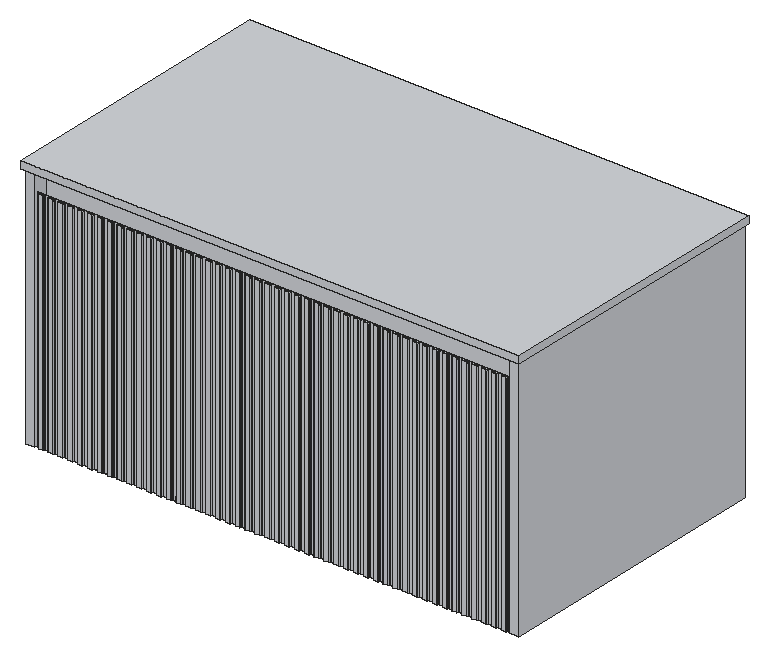
Revit family "Zara Ribbed Cabinet 800mm - KL810878-80", category Plumbing Fixtures, Revit 2023
Family settings
  Round Connector Dimension = Use Diameter
  Part Type = Normal
  OmniClass Number = 23.45.00.00
  OmniClass Title = Sanitary, Laundry, and Cleaning Equipment
  Work Plane-Based = No
  Enable Cutting in Views = No
  Always vertical = Yes
  Cut with Voids When Loaded = No
  Maintain Annotation Orientation = No
  Shared = No
  Room Calculation Point = No
Parameters
  Slats = none
  Door Base = none
  Default Elevation = 0 mm
  Countertop = none
  Carcass = none
Reference planes
  plane 1 "Center (Front/Back)": y = 0
  plane 2: z = 0
  plane 3 "Center (Left/Right)": x = 0
Forms (mm)
  Extrusion 1, solid, material <- "Carcass"
    sketch origin (0, 0, 0) x (1, 0, 0) y (0, 1, 0)
      loop
        line (-400, 0) -> (-400, -460) -> (-385, -460) -> (-385, 0) -> (-400, 0)
      loop
        line (385, -460) -> (400, -460) -> (400, 0) -> (385, 0) -> (385, -460)
    from 0 to 400
  Extrusion 2, solid, material <- "Carcass"
    sketch origin (0, 0, 0) x (0, 1, 0) y (0, 0, 1)
      loop
        line (0, 400) -> (-15, 400) -> (-15, 322) -> (0, 322) -> (0, 400)
      loop
        line (0, 93) -> (-15, 93) -> (-15, 15) -> (0, 15) -> (0, 93)
      loop
        line (-424, 340) -> (-424, 400) -> (-439, 400) -> (-439, 340) -> (-424, 340)
    from -385 to 385
  Extrusion 3, solid, material <- "Carcass"
    sketch origin (0, 0, 0) x (0, 1, 0) y (0, 0, 1)
      loop
        line (-361, 15) -> (-439, 15) -> (-439, 0) -> (-361, 0) -> (-361, 15)
      loop
        line (0, 15) -> (-78, 15) -> (-78, 0) -> (0, 0) -> (0, 15)
    from -385 to 385
  Extrusion 4, solid, material <- "Countertop"
    sketch origin (0, 0, 0) x (0, 1, 0) y (0, 0, 1)
      loop
        line (0, 412) -> (-465, 412) -> (-465, 400) -> (0, 400) -> (0, 412)
    from -405 to 405
  Extrusion 5, solid, material <- "Door Base"
    sketch origin (0, 0, 0) x (0, 1, 0) y (0, 0, 1)
      loop
        line (-457.5, 370.5) -> (-457.5, 0) -> (-441, 0) -> (-441, 354) -> (-457.5, 370.5)
    from -382.5 to 382.5
  Extrusion 6, solid, material <- "Slats"
    sketch origin (0, 0, 0) x (1, 0, 0) y (0, 1, 0)
      loop
        line (-363.5, -460) -> (-356.5, -460)
        arc (-356.5, -460) -> (-356.146, -459.854) -> (-356, -459.5) r 0.5
        line (-356, -459.5) -> (-356, -458)
        arc (-356, -458) -> (-355.854, -457.646) -> (-355.5, -457.5) r 0.5
        line (-355.5, -457.5) -> (-348.5, -457.5)
        arc (-348.5, -457.5) -> (-348.146, -457.646) -> (-348, -458) r 0.5
        line (-348, -458) -> (-348, -459.5)
        arc (-348, -459.5) -> (-347.854, -459.854) -> (-347.5, -460) r 0.5
        line (-347.5, -460) -> (-340.5, -460)
        arc (-340.5, -460) -> (-340.146, -459.854) -> (-340, -459.5) r 0.5
        line (-340, -459.5) -> (-340, -458)
        arc (-340, -458) -> (-339.854, -457.646) -> (-339.5, -457.5) r 0.5
        line (-339.5, -457.5) -> (-332.5, -457.5)
        arc (-332.5, -457.5) -> (-332.146, -457.646) -> (-332, -458) r 0.5
        line (-332, -458) -> (-332, -459.5)
        arc (-332, -459.5) -> (-331.854, -459.854) -> (-331.5, -460) r 0.5
        line (-331.5, -460) -> (-324.5, -460)
        arc (-324.5, -460) -> (-324.146, -459.854) -> (-324, -459.5) r 0.5
        line (-324, -459.5) -> (-324, -458)
        arc (-324, -458) -> (-323.854, -457.646) -> (-323.5, -457.5) r 0.5
        line (-323.5, -457.5) -> (-316.5, -457.5)
        arc (-316.5, -457.5) -> (-316.146, -457.646) -> (-316, -458) r 0.5
        line (-316, -458) -> (-316, -459.5)
        arc (-316, -459.5) -> (-315.854, -459.854) -> (-315.5, -460) r 0.5
        line (-315.5, -460) -> (-308.5, -460)
        arc (-308.5, -460) -> (-308.146, -459.854) -> (-308, -459.5) r 0.5
        line (-308, -459.5) -> (-308, -458)
        arc (-308, -458) -> (-307.854, -457.646) -> (-307.5, -457.5) r 0.5
        line (-307.5, -457.5) -> (-300.5, -457.5)
        arc (-300.5, -457.5) -> (-300.146, -457.646) -> (-300, -458) r 0.5
        line (-300, -458) -> (-300, -459.5)
        arc (-300, -459.5) -> (-299.854, -459.854) -> (-299.5, -460) r 0.5
        line (-299.5, -460) -> (-292.5, -460)
        arc (-292.5, -460) -> (-292.146, -459.854) -> (-292, -459.5) r 0.5
        line (-292, -459.5) -> (-292, -458)
        arc (-292, -458) -> (-291.854, -457.646) -> (-291.5, -457.5) r 0.5
        line (-291.5, -457.5) -> (-284.5, -457.5)
        arc (-284.5, -457.5) -> (-284.146, -457.646) -> (-284, -458) r 0.5
        line (-284, -458) -> (-284, -459.5)
        arc (-284, -459.5) -> (-283.854, -459.854) -> (-283.5, -460) r 0.5
        line (-283.5, -460) -> (-276.5, -460)
        arc (-276.5, -460) -> (-276.146, -459.854) -> (-276, -459.5) r 0.5
        line (-276, -459.5) -> (-276, -458)
        arc (-276, -458) -> (-275.854, -457.646) -> (-275.5, -457.5) r 0.5
        line (-275.5, -457.5) -> (-268.5, -457.5)
        arc (-268.5, -457.5) -> (-268.146, -457.646) -> (-268, -458) r 0.5
        line (-268, -458) -> (-268, -459.5)
        arc (-268, -459.5) -> (-267.854, -459.854) -> (-267.5, -460) r 0.5
        line (-267.5, -460) -> (-260.5, -460)
        arc (-260.5, -460) -> (-260.146, -459.854) -> (-260, -459.5) r 0.5
        line (-260, -459.5) -> (-260, -458)
        arc (-260, -458) -> (-259.854, -457.646) -> (-259.5, -457.5) r 0.5
        line (-259.5, -457.5) -> (-252.5, -457.5)
        arc (-252.5, -457.5) -> (-252.146, -457.646) -> (-252, -458) r 0.5
        line (-252, -458) -> (-252, -459.5)
        arc (-252, -459.5) -> (-251.854, -459.854) -> (-251.5, -460) r 0.5
        line (-251.5, -460) -> (-244.5, -460)
        arc (-244.5, -460) -> (-244.146, -459.854) -> (-244, -459.5) r 0.5
        line (-244, -459.5) -> (-244, -458)
        arc (-244, -458) -> (-243.854, -457.646) -> (-243.5, -457.5) r 0.5
        line (-243.5, -457.5) -> (-236.5, -457.5)
        arc (-236.5, -457.5) -> (-236.146, -457.646) -> (-236, -458) r 0.5
        line (-236, -458) -> (-236, -459.5)
        arc (-236, -459.5) -> (-235.854, -459.854) -> (-235.5, -460) r 0.5
        line (-235.5, -460) -> (-228.5, -460)
        arc (-228.5, -460) -> (-228.146, -459.854) -> (-228, -459.5) r 0.5
        line (-228, -459.5) -> (-228, -458)
        arc (-228, -458) -> (-227.854, -457.646) -> (-227.5, -457.5) r 0.5
        line (-227.5, -457.5) -> (-220.5, -457.5)
        arc (-220.5, -457.5) -> (-220.146, -457.646) -> (-220, -458) r 0.5
        line (-220, -458) -> (-220, -459.5)
        arc (-220, -459.5) -> (-219.854, -459.854) -> (-219.5, -460) r 0.5
        line (-219.5, -460) -> (-212.5, -460)
        arc (-212.5, -460) -> (-212.146, -459.854) -> (-212, -459.5) r 0.5
        line (-212, -459.5) -> (-212, -458)
        arc (-212, -458) -> (-211.854, -457.646) -> (-211.5, -457.5) r 0.5
        line (-211.5, -457.5) -> (-204.5, -457.5)
        arc (-204.5, -457.5) -> (-204.146, -457.646) -> (-204, -458) r 0.5
        line (-204, -458) -> (-204, -459.5)
        arc (-204, -459.5) -> (-203.854, -459.854) -> (-203.5, -460) r 0.5
        line (-203.5, -460) -> (-196.5, -460)
        arc (-196.5, -460) -> (-196.146, -459.854) -> (-196, -459.5) r 0.5
        line (-196, -459.5) -> (-196, -458)
        arc (-196, -458) -> (-195.854, -457.646) -> (-195.5, -457.5) r 0.5
        line (-195.5, -457.5) -> (-188.5, -457.5)
        arc (-188.5, -457.5) -> (-188.146, -457.646) -> (-188, -458) r 0.5
        line (-188, -458) -> (-188, -459.5)
        arc (-188, -459.5) -> (-187.854, -459.854) -> (-187.5, -460) r 0.5
        line (-187.5, -460) -> (-180.5, -460)
        arc (-180.5, -460) -> (-180.146, -459.854) -> (-180, -459.5) r 0.5
        line (-180, -459.5) -> (-180, -458)
        arc (-180, -458) -> (-179.854, -457.646) -> (-179.5, -457.5) r 0.5
        line (-179.5, -457.5) -> (-172.5, -457.5)
        arc (-172.5, -457.5) -> (-172.146, -457.646) -> (-172, -458) r 0.5
        line (-172, -458) -> (-172, -459.5)
        arc (-172, -459.5) -> (-171.854, -459.854) -> (-171.5, -460) r 0.5
        line (-171.5, -460) -> (-164.5, -460)
        arc (-164.5, -460) -> (-164.146, -459.854) -> (-164, -459.5) r 0.5
        line (-164, -459.5) -> (-164, -458)
        arc (-164, -458) -> (-163.854, -457.646) -> (-163.5, -457.5) r 0.5
        line (-163.5, -457.5) -> (-156.5, -457.5)
        arc (-156.5, -457.5) -> (-156.146, -457.646) -> (-156, -458) r 0.5
        line (-156, -458) -> (-156, -459.5)
        arc (-156, -459.5) -> (-155.854, -459.854) -> (-155.5, -460) r 0.5
        line (-155.5, -460) -> (-148.5, -460)
        arc (-148.5, -460) -> (-148.146, -459.854) -> (-148, -459.5) r 0.5
        line (-148, -459.5) -> (-148, -458)
        arc (-148, -458) -> (-147.854, -457.646) -> (-147.5, -457.5) r 0.5
        line (-147.5, -457.5) -> (-140.5, -457.5)
        arc (-140.5, -457.5) -> (-140.146, -457.646) -> (-140, -458) r 0.5
        line (-140, -458) -> (-140, -459.5)
        arc (-140, -459.5) -> (-139.854, -459.854) -> (-139.5, -460) r 0.5
        line (-139.5, -460) -> (-132.5, -460)
        arc (-132.5, -460) -> (-132.146, -459.854) -> (-132, -459.5) r 0.5
        line (-132, -459.5) -> (-132, -458)
        arc (-132, -458) -> (-131.854, -457.646) -> (-131.5, -457.5) r 0.5
        line (-131.5, -457.5) -> (-124.5, -457.5)
        arc (-124.5, -457.5) -> (-124.146, -457.646) -> (-124, -458) r 0.5
        line (-124, -458) -> (-124, -459.5)
        arc (-124, -459.5) -> (-123.854, -459.854) -> (-123.5, -460) r 0.5
        line (-123.5, -460) -> (-116.5, -460)
        arc (-116.5, -460) -> (-116.146, -459.854) -> (-116, -459.5) r 0.5
        line (-116, -459.5) -> (-116, -458)
        arc (-116, -458) -> (-115.854, -457.646) -> (-115.5, -457.5) r 0.5
        line (-115.5, -457.5) -> (-108.5, -457.5)
        arc (-108.5, -457.5) -> (-108.146, -457.646) -> (-108, -458) r 0.5
        line (-108, -458) -> (-108, -459.5)
        arc (-108, -459.5) -> (-107.854, -459.854) -> (-107.5, -460) r 0.5
        line (-107.5, -460) -> (-100.5, -460)
        arc (-100.5, -460) -> (-100.146, -459.854) -> (-100, -459.5) r 0.5
        line (-100, -459.5) -> (-100, -458)
        arc (-100, -458) -> (-99.854, -457.646) -> (-99.5, -457.5) r 0.5
        line (-99.5, -457.5) -> (-92.5, -457.5)
        arc (-92.5, -457.5) -> (-92.146, -457.646) -> (-92, -458) r 0.5
        line (-92, -458) -> (-92, -459.5)
        arc (-92, -459.5) -> (-91.854, -459.854) -> (-91.5, -460) r 0.5
        line (-91.5, -460) -> (-84.5, -460)
        arc (-84.5, -460) -> (-84.146, -459.854) -> (-84, -459.5) r 0.5
        line (-84, -459.5) -> (-84, -458)
        arc (-84, -458) -> (-83.854, -457.646) -> (-83.5, -457.5) r 0.5
        line (-83.5, -457.5) -> (-76.5, -457.5)
        arc (-76.5, -457.5) -> (-76.146, -457.646) -> (-76, -458) r 0.5
        line (-76, -458) -> (-76, -459.5)
        arc (-76, -459.5) -> (-75.854, -459.854) -> (-75.5, -460) r 0.5
        line (-75.5, -460) -> (-68.5, -460)
        arc (-68.5, -460) -> (-68.146, -459.854) -> (-68, -459.5) r 0.5
        line (-68, -459.5) -> (-68, -458)
        arc (-68, -458) -> (-67.854, -457.646) -> (-67.5, -457.5) r 0.5
        line (-67.5, -457.5) -> (-60.5, -457.5)
        arc (-60.5, -457.5) -> (-60.146, -457.646) -> (-60, -458) r 0.5
        line (-60, -458) -> (-60, -459.5)
        arc (-60, -459.5) -> (-59.854, -459.854) -> (-59.5, -460) r 0.5
        line (-59.5, -460) -> (-52.5, -460)
        arc (-52.5, -460) -> (-52.146, -459.854) -> (-52, -459.5) r 0.5
        line (-52, -459.5) -> (-52, -458)
        arc (-52, -458) -> (-51.854, -457.646) -> (-51.5, -457.5) r 0.5
        line (-51.5, -457.5) -> (-44.5, -457.5)
        arc (-44.5, -457.5) -> (-44.146, -457.646) -> (-44, -458) r 0.5
        line (-44, -458) -> (-44, -459.5)
        arc (-44, -459.5) -> (-43.854, -459.854) -> (-43.5, -460) r 0.5
        line (-43.5, -460) -> (-36.5, -460)
        arc (-36.5, -460) -> (-36.146, -459.854) -> (-36, -459.5) r 0.5
        line (-36, -459.5) -> (-36, -458)
        arc (-36, -458) -> (-35.854, -457.646) -> (-35.5, -457.5) r 0.5
        line (-35.5, -457.5) -> (-28.5, -457.5)
        arc (-28.5, -457.5) -> (-28.146, -457.646) -> (-28, -458) r 0.5
        line (-28, -458) -> (-28, -459.5)
        arc (-28, -459.5) -> (-27.854, -459.854) -> (-27.5, -460) r 0.5
        line (-27.5, -460) -> (-20.5, -460)
        arc (-20.5, -460) -> (-20.146, -459.854) -> (-20, -459.5) r 0.5
        line (-20, -459.5) -> (-20, -458)
        arc (-20, -458) -> (-19.854, -457.646) -> (-19.5, -457.5) r 0.5
        line (-19.5, -457.5) -> (-12.5, -457.5)
        arc (-12.5, -457.5) -> (-12.146, -457.646) -> (-12, -458) r 0.5
        line (-12, -458) -> (-12, -459.5)
        arc (-12, -459.5) -> (-11.854, -459.854) -> (-11.5, -460) r 0.5
        line (-11.5, -460) -> (-4.5, -460)
        arc (-4.5, -460) -> (-4.146, -459.854) -> (-4, -459.5) r 0.5
        line (-4, -459.5) -> (-4, -458)
        arc (-4, -458) -> (-3.854, -457.646) -> (-3.5, -457.5) r 0.5
        line (-3.5, -457.5) -> (3.5, -457.5)
        arc (3.5, -457.5) -> (3.854, -457.646) -> (4, -458) r 0.5
        line (4, -458) -> (4, -459.5)
        arc (4, -459.5) -> (4.146, -459.854) -> (4.5, -460) r 0.5
        line (4.5, -460) -> (11.5, -460)
        arc (11.5, -460) -> (11.854, -459.854) -> (12, -459.5) r 0.5
        line (12, -459.5) -> (12, -458)
        arc (12, -458) -> (12.146, -457.646) -> (12.5, -457.5) r 0.5
        line (12.5, -457.5) -> (19.5, -457.5)
        arc (19.5, -457.5) -> (19.854, -457.646) -> (20, -458) r 0.5
        line (20, -458) -> (20, -459.5)
        arc (20, -459.5) -> (20.146, -459.854) -> (20.5, -460) r 0.5
        line (20.5, -460) -> (27.5, -460)
        arc (27.5, -460) -> (27.854, -459.854) -> (28, -459.5) r 0.5
        line (28, -459.5) -> (28, -458)
        arc (28, -458) -> (28.146, -457.646) -> (28.5, -457.5) r 0.5
        line (28.5, -457.5) -> (35.5, -457.5)
        arc (35.5, -457.5) -> (35.854, -457.646) -> (36, -458) r 0.5
        line (36, -458) -> (36, -459.5)
        arc (36, -459.5) -> (36.146, -459.854) -> (36.5, -460) r 0.5
        line (36.5, -460) -> (43.5, -460)
        arc (43.5, -460) -> (43.854, -459.854) -> (44, -459.5) r 0.5
        line (44, -459.5) -> (44, -458)
        arc (44, -458) -> (44.146, -457.646) -> (44.5, -457.5) r 0.5
        line (44.5, -457.5) -> (51.5, -457.5)
        arc (51.5, -457.5) -> (51.854, -457.646) -> (52, -458) r 0.5
        line (52, -458) -> (52, -459.5)
        arc (52, -459.5) -> (52.146, -459.854) -> (52.5, -460) r 0.5
        line (52.5, -460) -> (59.5, -460)
        arc (59.5, -460) -> (59.854, -459.854) -> (60, -459.5) r 0.5
        line (60, -459.5) -> (60, -458)
        arc (60, -458) -> (60.146, -457.646) -> (60.5, -457.5) r 0.5
        line (60.5, -457.5) -> (67.5, -457.5)
        arc (67.5, -457.5) -> (67.854, -457.646) -> (68, -458) r 0.5
        line (68, -458) -> (68, -459.5)
        arc (68, -459.5) -> (68.146, -459.854) -> (68.5, -460) r 0.5
        line (68.5, -460) -> (75.5, -460)
        arc (75.5, -460) -> (75.854, -459.854) -> (76, -459.5) r 0.5
        line (76, -459.5) -> (76, -458)
        arc (76, -458) -> (76.146, -457.646) -> (76.5, -457.5) r 0.5
        line (76.5, -457.5) -> (83.5, -457.5)
        arc (83.5, -457.5) -> (83.854, -457.646) -> (84, -458) r 0.5
        line (84, -458) -> (84, -459.5)
        arc (84, -459.5) -> (84.146, -459.854) -> (84.5, -460) r 0.5
        line (84.5, -460) -> (91.5, -460)
        arc (91.5, -460) -> (91.854, -459.854) -> (92, -459.5) r 0.5
        line (92, -459.5) -> (92, -458)
        arc (92, -458) -> (92.146, -457.646) -> (92.5, -457.5) r 0.5
        line (92.5, -457.5) -> (99.5, -457.5)
        arc (99.5, -457.5) -> (99.854, -457.646) -> (100, -458) r 0.5
        line (100, -458) -> (100, -459.5)
        arc (100, -459.5) -> (100.146, -459.854) -> (100.5, -460) r 0.5
        line (100.5, -460) -> (107.5, -460)
        arc (107.5, -460) -> (107.854, -459.854) -> (108, -459.5) r 0.5
        line (108, -459.5) -> (108, -458)
        arc (108, -458) -> (108.146, -457.646) -> (108.5, -457.5) r 0.5
        line (108.5, -457.5) -> (115.5, -457.5)
        arc (115.5, -457.5) -> (115.854, -457.646) -> (116, -458) r 0.5
        line (116, -458) -> (116, -459.5)
        arc (116, -459.5) -> (116.146, -459.854) -> (116.5, -460) r 0.5
        line (116.5, -460) -> (123.5, -460)
        arc (123.5, -460) -> (123.854, -459.854) -> (124, -459.5) r 0.5
        line (124, -459.5) -> (124, -458)
        arc (124, -458) -> (124.146, -457.646) -> (124.5, -457.5) r 0.5
        line (124.5, -457.5) -> (131.5, -457.5)
        arc (131.5, -457.5) -> (131.854, -457.646) -> (132, -458) r 0.5
        line (132, -458) -> (132, -459.5)
        arc (132, -459.5) -> (132.146, -459.854) -> (132.5, -460) r 0.5
        line (132.5, -460) -> (139.5, -460)
        arc (139.5, -460) -> (139.854, -459.854) -> (140, -459.5) r 0.5
        line (140, -459.5) -> (140, -458)
        arc (140, -458) -> (140.146, -457.646) -> (140.5, -457.5) r 0.5
        line (140.5, -457.5) -> (147.5, -457.5)
        arc (147.5, -457.5) -> (147.854, -457.646) -> (148, -458) r 0.5
        line (148, -458) -> (148, -459.5)
        arc (148, -459.5) -> (148.146, -459.854) -> (148.5, -460) r 0.5
        line (148.5, -460) -> (155.5, -460)
        arc (155.5, -460) -> (155.854, -459.854) -> (156, -459.5) r 0.5
        line (156, -459.5) -> (156, -458)
        arc (156, -458) -> (156.146, -457.646) -> (156.5, -457.5) r 0.5
        line (156.5, -457.5) -> (163.5, -457.5)
        arc (163.5, -457.5) -> (163.854, -457.646) -> (164, -458) r 0.5
        line (164, -458) -> (164, -459.5)
        arc (164, -459.5) -> (164.146, -459.854) -> (164.5, -460) r 0.5
        line (164.5, -460) -> (171.5, -460)
        arc (171.5, -460) -> (171.854, -459.854) -> (172, -459.5) r 0.5
        line (172, -459.5) -> (172, -458)
        arc (172, -458) -> (172.146, -457.646) -> (172.5, -457.5) r 0.5
        line (172.5, -457.5) -> (179.5, -457.5)
        arc (179.5, -457.5) -> (179.854, -457.646) -> (180, -458) r 0.5
        line (180, -458) -> (180, -459.5)
        arc (180, -459.5) -> (180.146, -459.854) -> (180.5, -460) r 0.5
        line (180.5, -460) -> (187.5, -460)
        arc (187.5, -460) -> (187.854, -459.854) -> (188, -459.5) r 0.5
        line (188, -459.5) -> (188, -458)
        arc (188, -458) -> (188.146, -457.646) -> (188.5, -457.5) r 0.5
        line (188.5, -457.5) -> (195.5, -457.5)
        arc (195.5, -457.5) -> (195.854, -457.646) -> (196, -458) r 0.5
        line (196, -458) -> (196, -459.5)
        arc (196, -459.5) -> (196.146, -459.854) -> (196.5, -460) r 0.5
        line (196.5, -460) -> (203.5, -460)
        arc (203.5, -460) -> (203.854, -459.854) -> (204, -459.5) r 0.5
        line (204, -459.5) -> (204, -458)
        arc (204, -458) -> (204.146, -457.646) -> (204.5, -457.5) r 0.5
        line (204.5, -457.5) -> (211.5, -457.5)
        arc (211.5, -457.5) -> (211.854, -457.646) -> (212, -458) r 0.5
        line (212, -458) -> (212, -459.5)
        arc (212, -459.5) -> (212.146, -459.854) -> (212.5, -460) r 0.5
        line (212.5, -460) -> (219.5, -460)
        arc (219.5, -460) -> (219.854, -459.854) -> (220, -459.5) r 0.5
        line (220, -459.5) -> (220, -458)
        arc (220, -458) -> (220.146, -457.646) -> (220.5, -457.5) r 0.5
        line (220.5, -457.5) -> (227.5, -457.5)
        arc (227.5, -457.5) -> (227.854, -457.646) -> (228, -458) r 0.5
        line (228, -458) -> (228, -459.5)
        arc (228, -459.5) -> (228.146, -459.854) -> (228.5, -460) r 0.5
        line (228.5, -460) -> (235.5, -460)
        arc (235.5, -460) -> (235.854, -459.854) -> (236, -459.5) r 0.5
        line (236, -459.5) -> (236, -458)
        arc (236, -458) -> (236.146, -457.646) -> (236.5, -457.5) r 0.5
        line (236.5, -457.5) -> (243.5, -457.5)
        arc (243.5, -457.5) -> (243.854, -457.646) -> (244, -458) r 0.5
        line (244, -458) -> (244, -459.5)
        arc (244, -459.5) -> (244.146, -459.854) -> (244.5, -460) r 0.5
        line (244.5, -460) -> (251.5, -460)
        arc (251.5, -460) -> (251.854, -459.854) -> (252, -459.5) r 0.5
        line (252, -459.5) -> (252, -458)
        arc (252, -458) -> (252.146, -457.646) -> (252.5, -457.5) r 0.5
        line (252.5, -457.5) -> (259.5, -457.5)
        arc (259.5, -457.5) -> (259.854, -457.646) -> (260, -458) r 0.5
        line (260, -458) -> (260, -459.5)
        arc (260, -459.5) -> (260.146, -459.854) -> (260.5, -460) r 0.5
        line (260.5, -460) -> (267.5, -460)
        arc (267.5, -460) -> (267.854, -459.854) -> (268, -459.5) r 0.5
        line (268, -459.5) -> (268, -458)
        arc (268, -458) -> (268.146, -457.646) -> (268.5, -457.5) r 0.5
        line (268.5, -457.5) -> (275.5, -457.5)
        arc (275.5, -457.5) -> (275.854, -457.646) -> (276, -458) r 0.5
        line (276, -458) -> (276, -459.5)
        arc (276, -459.5) -> (276.146, -459.854) -> (276.5, -460) r 0.5
        line (276.5, -460) -> (283.5, -460)
        arc (283.5, -460) -> (283.854, -459.854) -> (284, -459.5) r 0.5
        line (284, -459.5) -> (284, -458)
        arc (284, -458) -> (284.146, -457.646) -> (284.5, -457.5) r 0.5
        line (284.5, -457.5) -> (291.5, -457.5)
        arc (291.5, -457.5) -> (291.854, -457.646) -> (292, -458) r 0.5
        line (292, -458) -> (292, -459.5)
        arc (292, -459.5) -> (292.146, -459.854) -> (292.5, -460) r 0.5
        line (292.5, -460) -> (299.5, -460)
        arc (299.5, -460) -> (299.854, -459.854) -> (300, -459.5) r 0.5
        line (300, -459.5) -> (300, -458)
        arc (300, -458) -> (300.146, -457.646) -> (300.5, -457.5) r 0.5
        line (300.5, -457.5) -> (307.5, -457.5)
        arc (307.5, -457.5) -> (307.854, -457.646) -> (308, -458) r 0.5
        line (308, -458) -> (308, -459.5)
        arc (308, -459.5) -> (308.146, -459.854) -> (308.5, -460) r 0.5
        line (308.5, -460) -> (315.5, -460)
        arc (315.5, -460) -> (315.854, -459.854) -> (316, -459.5) r 0.5
        line (316, -459.5) -> (316, -458)
        arc (316, -458) -> (316.146, -457.646) -> (316.5, -457.5) r 0.5
        line (316.5, -457.5) -> (323.5, -457.5)
        arc (323.5, -457.5) -> (323.854, -457.646) -> (324, -458) r 0.5
        line (324, -458) -> (324, -459.5)
        arc (324, -459.5) -> (324.146, -459.854) -> (324.5, -460) r 0.5
        line (324.5, -460) -> (331.5, -460)
        arc (331.5, -460) -> (331.854, -459.854) -> (332, -459.5) r 0.5
        line (332, -459.5) -> (332, -458)
        arc (332, -458) -> (332.146, -457.646) -> (332.5, -457.5) r 0.5
        line (332.5, -457.5) -> (339.5, -457.5)
        arc (339.5, -457.5) -> (339.854, -457.646) -> (340, -458) r 0.5
        line (340, -458) -> (340, -459.5)
        arc (340, -459.5) -> (340.146, -459.854) -> (340.5, -460) r 0.5
        line (340.5, -460) -> (347.5, -460)
        arc (347.5, -460) -> (347.854, -459.854) -> (348, -459.5) r 0.5
        line (348, -459.5) -> (348, -458)
        arc (348, -458) -> (348.146, -457.646) -> (348.5, -457.5) r 0.5
        line (348.5, -457.5) -> (355.5, -457.5)
        arc (355.5, -457.5) -> (355.854, -457.646) -> (356, -458) r 0.5
        line (356, -458) -> (356, -459.5)
        arc (356, -459.5) -> (356.146, -459.854) -> (356.5, -460) r 0.5
        line (356.5, -460) -> (363.5, -460)
        arc (363.5, -460) -> (363.854, -459.854) -> (364, -459.5) r 0.5
        line (364, -459.5) -> (364, -458)
        arc (364, -458) -> (364.146, -457.646) -> (364.5, -457.5) r 0.5
        line (364.5, -457.5) -> (371.5, -457.5)
        arc (371.5, -457.5) -> (371.854, -457.646) -> (372, -458) r 0.5
        line (372, -458) -> (372, -459.5)
        arc (372, -459.5) -> (372.146, -459.854) -> (372.5, -460) r 0.5
        line (372.5, -460) -> (379.5, -460)
        arc (379.5, -460) -> (379.854, -459.854) -> (380, -459.5) r 0.5
        line (380, -459.5) -> (380, -458)
        arc (380, -458) -> (380.146, -457.646) -> (380.5, -457.5) r 0.5
        line (380.5, -457.5) -> (382.5, -457.5) -> (382.5, -456.7) -> (-382.5, -456.7) -> (-382.5, -457.5) -> (-380.5, -457.5)
        arc (-380.5, -457.5) -> (-380.146, -457.646) -> (-380, -458) r 0.5
        line (-380, -458) -> (-380, -459.5)
        arc (-380, -459.5) -> (-379.854, -459.854) -> (-379.5, -460) r 0.5
        line (-379.5, -460) -> (-372.5, -460)
        arc (-372.5, -460) -> (-372.146, -459.854) -> (-372, -459.5) r 0.5
        line (-372, -459.5) -> (-372, -458)
        arc (-372, -458) -> (-371.854, -457.646) -> (-371.5, -457.5) r 0.5
        line (-371.5, -457.5) -> (-364.5, -457.5)
        arc (-364.5, -457.5) -> (-364.146, -457.646) -> (-364, -458) r 0.5
        line (-364, -458) -> (-364, -459.5)
        arc (-364, -459.5) -> (-363.854, -459.854) -> (-363.5, -460) r 0.5
    from 0 to 370
Lines and regions (mm)
  model lines, style "VPORTS", not visible
    curve 1: line (691.003, 755.202, 0) -> (691.003, 295.202, 0)
    curve 2: line (691.003, 295.202, 0) -> (706.003, 295.202, 0)
    curve 3: line (706.003, 295.202, 0) -> (706.003, 755.202, 0)
    curve 4: line (706.003, 755.202, 0) -> (106.003, 755.202, 0)
    curve 5: line (106.003, 755.202, 0) -> (106.003, 295.202, 0)
    curve 6: line (106.003, 295.202, 0) -> (121.003, 295.202, 0)
    curve 7: line (121.003, 295.202, 0) -> (121.003, 755.202, 0)
    curve 8: line (121.003, 740.202, 0) -> (691.003, 740.202, 0)
    curve 9: line (121.003, 316.202, 0) -> (691.003, 316.202, 0)
    curve 10: line (121.003, 331.202, 0) -> (691.003, 331.202, 0)
    curve 11: line (121.003, 997.016, 0) -> (691.003, 997.016, 0)
    curve 12: line (121.003, 1322.016, 0) -> (691.003, 1322.016, 0)
    curve 13: line (121.003, 1382.016, 0) -> (121.003, 982.016, 0)
    curve 14: line (706.003, 1382.016, 0) -> (706.003, 982.016, 0)
    curve 15: line (706.003, 982.016, 0) -> (106.003, 982.016, 0)
    curve 16: line (106.003, 982.016, 0) -> (106.003, 1382.016, 0)
    curve 17: line (691.003, 1382.016, 0) -> (691.003, 982.016, 0)
    curve 18: line (101.003, 1382.016, 0) -> (711.003, 1382.016, 0)
    curve 19: line (711.003, 1382.016, 0) -> (711.003, 1394.016, 0)
    curve 20: line (711.003, 1394.016, 0) -> (101.003, 1394.016, 0)
    curve 21: line (101.003, 1394.016, 0) -> (101.003, 1382.016, 0)
    curve 22: line (1521.765, 1352.016, 0) -> (1521.765, 982.016, 0)
    curve 23: line (1524.265, 982.016, 0) -> (1505.265, 982.016, 0)
    curve 24: line (1505.265, 982.016, 0) -> (1505.265, 1336.016, 0)
    curve 25: line (1505.265, 1336.016, 0) -> (1521.265, 1352.016, 0)
    curve 26: line (1521.265, 1352.016, 0) -> (1524.265, 1352.016, 0)
    curve 37: line (1488.265, 1382.016, 0) -> (1488.265, 1322.016, 0)
    curve 38: line (1488.265, 1322.016, 0) -> (1503.265, 1322.016, 0)
    curve 39: line (1503.265, 1322.016, 0) -> (1503.265, 1382.016, 0)
    curve 40: line (1064.265, 997.016, 0) -> (1142.265, 997.016, 0)
    curve 41: line (1142.265, 997.016, 0) -> (1142.265, 982.016, 0)
    curve 42: line (1503.265, 982.016, 0) -> (1503.265, 997.016, 0)
    curve 43: line (1503.265, 997.016, 0) -> (1425.265, 997.016, 0)
    curve 44: line (1425.265, 997.016, 0) -> (1425.265, 982.016, 0)
    curve 45: line (1079.265, 1382.016, 0) -> (1079.265, 1304.016, 0)
    curve 46: line (1079.265, 1304.016, 0) -> (1064.265, 1304.016, 0)
    curve 47: line (1079.265, 997.016, 0) -> (1079.265, 1075.016, 0)
    curve 48: line (1079.265, 1075.016, 0) -> (1064.265, 1075.016, 0)
    curve 49: line (1524.265, 1382.016, 0) -> (1524.265, 982.016, 0)
    curve 50: line (1519.265, 1382.016, 0) -> (1064.265, 1382.016, 0)
    curve 51: line (1064.265, 1382.016, 0) -> (1064.265, 982.016, 0)
    curve 52: line (1064.265, 982.016, 0) -> (1518.265, 982.016, 0)
    curve 53: line (1064.265, 1382.016, 0) -> (1529.265, 1382.016, 0)
    curve 54: line (1529.265, 1382.016, 0) -> (1529.265, 1394.016, 0)
    curve 55: line (1529.265, 1394.016, 0) -> (1064.265, 1394.016, 0)
    curve 56: line (1064.265, 1394.016, 0) -> (1064.265, 1382.016, 0)
  model lines, style "0", not visible
    curve 27: line (1505.265, 1189.016, 0) -> (1505.265, 1022.016, 0)
    curve 28: line (1505.265, 1022.016, 0) -> (1162.265, 1022.016, 0)
    curve 29: line (1162.265, 1022.016, 0) -> (1162.265, 1189.016, 0)
    curve 30: line (1162.265, 1189.016, 0) -> (1505.265, 1189.016, 0)
    curve 31: line (1162.265, 1031.516, 0) -> (1505.265, 1031.516, 0)
    curve 32: line (1162.265, 1048.016, 0) -> (1505.265, 1048.016, 0)
    curve 33: line (1177.265, 1047.516, 0) -> (1489.265, 1047.516, 0)
    curve 34: line (1178.265, 1022.016, 0) -> (1178.265, 1189.016, 0)
    curve 35: line (1489.265, 1031.516, 0) -> (1489.265, 1189.016, 0)
    curve 36: line (1384.265, 1048.016, 0) -> (1384.265, 1031.516, 0)
Dimensions and locks
  aligned and locked: level to plane 2
